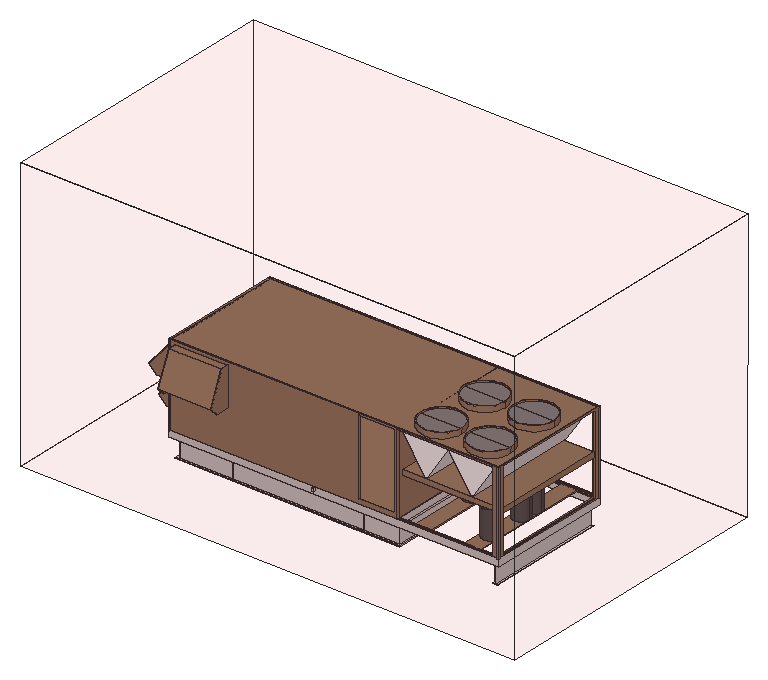
Revit family (continued)
Definition of nested family "Commercial_Comfort_Systems-Series_40-JCI-Unit_Cabinet-Bottom_Return_Front_and_Rear_Supply-Cooling_Only"
  Forms (in)
    Extrusion 7, solid, material "Metal - JCI - Steel - Galvanized" <- "Base Finish", detail levels medium+fine
      from 0 to 4.625
    Extrusion 8, solid, material "Paint - JCI - Powder Coated - Brown" <- "Frame Finish", detail levels medium+fine
      sketch origin (0, 0, 0) x (1, 0, 0) y (0, 0, 1)
        loop
          line (46.18781, 35.625) -> (46.18781, 32) -> (119.00031, 32) -> (119.00031, 35.625) -> (46.18781, 35.625)
      from -42 to 42
    Extrusion 9, solid, material "Paint - JCI - Powder Coated - Brown" <- "Frame Finish", detail levels medium+fine
      sketch origin (0, 0, 0) x (1, 0, 0) y (0, 0, 1)
        loop
          line (45.18781, 63.5) -> (45.18781, 5.125) -> (46.18781, 5.125) -> (46.18781, 63.5) -> (45.18781, 63.5)
      from -45 to 45
    Extrusion 10, solid, material "Paint - JCI - Powder Coated - Brown" <- "Frame Finish", detail levels medium+fine
      sketch origin (0, 0, 0) x (1, 0, 0) y (0, 1, 0)
        loop
          line (93.67219, 44) -> (93.67219, -44) -> (105.67219, -44) -> (105.67219, 44) -> (93.67219, 44)
        loop
          line (58.01594, 44) -> (58.01594, -44) -> (70.01594, -44) -> (70.01594, 44) -> (58.01594, 44)
      from 4.625 to 5.125
    Extrusion 11, void
      sketch origin (0, 0, 0) x (1, 0, 0) y (0, 1, 0)
        loop
          line (18.18781, 45.25) -> (18.18781, 45) -> (44.18781, 45) -> (44.18781, 45.25) -> (18.18781, 45.25)
        loop
          line (18.18781, -45) -> (18.18781, -47) -> (44.18781, -47) -> (44.18781, -45) -> (18.18781, -45)
      from 8.14844 to 63.14844
    Extrusion 12, solid, material "Metal - JCI - Steel - Galvanized - Screen" <- "Screen Material", detail levels fine
      sketch origin (0, 0, 0) x (1, 0, 0) y (0, 1, 0)
        loop
          line (46.18781, 46) -> (46.18781, 45) -> (115.50031, 45) -> (115.50031, 46) -> (46.18781, 46)
        loop
          line (119.00031, 42) -> (119.00031, -42) -> (120.00031, -42) -> (120.00031, 42) -> (119.00031, 42)
        loop
          line (46.18781, -46) -> (115.50031, -46) -> (115.50031, -45) -> (46.18781, -45) -> (46.18781, -46)
      from 5.125 to 63.5
  Cuts and joins
    Extrusion 11 cuts Extrusion 1
    Extrusion 11 cuts Extrusion 3
    Extrusion 11 cuts Extrusion 7
  Lines and regions (in)
    Masking region 1
      outline origin (0, 0, 64) x (-1, 0, 0) y (0, -1, 0)
        loop
          line (119.99969, -46) -> (119.99969, 46) -> (-120.00031, 46) -> (-120.00031, -46) -> (119.99969, -46)
    Masking region 2, detail levels medium+fine
      outline origin (0, -45, 0) x (-1, 0, 0) y (0, 0, 1)
        loop
          line (119.99969, 64) -> (-120.00031, 64) -> (-120.00031, 0) -> (119.99969, 0) -> (119.99969, 64)
        loop
          line (-46.18781, 5.125) -> (-46.18781, 63.5) -> (-115.50031, 63.5) -> (-115.50031, 5.125) -> (-46.18781, 5.125)
    Masking region 3, detail levels coarse
      outline origin (0, 0, 0) x (1, 0, 0) y (0, 0, 1)
        loop
          line (-119.99969, 64) -> (-119.99969, 0) -> (120.00031, 0) -> (120.00031, 64) -> (-119.99969, 64)
    Masking region 4, detail levels medium+fine
      outline origin (120.00031, 0, 0) x (0, -1, 0) y (0, 0, 1)
        loop
          line (-46, 64) -> (-46, 0) -> (46, 0) -> (46, 64) -> (-46, 64)
        loop
          line (42, 63.5) -> (-42, 63.5) -> (-42, 5.125) -> (42, 5.125) -> (42, 63.5)
    Masking region 5, detail levels medium+fine
      outline origin (-119.99969, 0, 0) x (0, -1, 0) y (0, 0, 1)
        loop
          line (-46, 64) -> (-46, 0) -> (46, 0) -> (46, 64) -> (-46, 64)
        loop
          line (-39.5, 61.99219) -> (-39.5, 33.89844) -> (39.5, 33.89844) -> (39.5, 61.99219) -> (-39.5, 61.99219)
        loop
          line (-29.75977, 29.36) -> (-29.75977, 7.94) -> (29.75977, 7.94) -> (29.75977, 29.36) -> (-29.75977, 29.36)
    Masking region 6
      outline origin (0.00031, 0, 0) x (0, 1, 0) y (0, 0, 1)
        loop
          line (-46, 64) -> (-46, 0) -> (46, 0) -> (46, 64) -> (-46, 64)
    Masking region 7, detail levels medium+fine
      outline origin (0, 45, 0) x (-1, 0, 0) y (0, 0, 1)
        loop
          line (-120.00031, 64) -> (-120.00031, 0) -> (119.99969, 0) -> (119.99969, 64) -> (-120.00031, 64)
        loop
          line (-115.50031, 63.5) -> (-115.50031, 5.125) -> (-46.18781, 5.125) -> (-46.18781, 63.5) -> (-115.50031, 63.5)
    model lines, style "Frame Unit", detail levels coarse
      curve 1: line (-119.99969, 46, 64) -> (120.00031, 46, 64)
      curve 2: line (-119.99969, 46, 64) -> (-119.99969, -46, 64)
      curve 3: line (-119.99969, -46, 64) -> (120.00031, -46, 64)
      curve 4: line (120.00031, 46, 64) -> (120.00031, -46, 64)
      curve 5: line (-119.99969, 46, 64) -> (-119.99969, 46, 0)
      curve 6: line (120.00031, 46, 64) -> (120.00031, 46, 0)
      curve 7: line (-119.99969, -46, 64) -> (-119.99969, -46, 0)
      curve 8: line (120.00031, -46, 64) -> (120.00031, -46, 0)
      curve 9: line (46.18781, -46, 63.5) -> (115.50031, -46, 63.5)
      curve 10: line (46.18781, -46, 63.5) -> (46.18781, -46, 5.125)
      curve 11: line (46.18781, -46, 5.125) -> (115.50031, -46, 5.125)
      curve 12: line (115.50031, -46, 63.5) -> (115.50031, -46, 5.125)
      curve 13: line (46.18781, 46, 63.5) -> (115.50031, 46, 63.5)
      curve 14: line (115.50031, 46, 63.5) -> (115.50031, 46, 5.125)
      curve 15: line (115.50031, 46, 5.125) -> (46.18781, 46, 5.125)
      curve 16: line (46.18781, 46, 5.125) -> (46.18781, 46, 63.5)
      curve 17: line (120.00031, -42, 63.5) -> (120.00031, 42, 63.5)
      curve 18: line (120.00031, -42, 63.5) -> (120.00031, -42, 5.125)
      curve 19: line (120.00031, -42, 5.125) -> (120.00031, 42, 5.125)
      curve 20: line (120.00031, 42, 63.5) -> (120.00031, 42, 5.125)
      curve 21: line (46.18781, 44, 0) -> (117.50031, 44, 0)
      curve 22: line (117.50031, 44, 0) -> (117.50031, -44, 0)
      curve 23: line (117.50031, -44, 0) -> (46.18781, -44, 0)
      curve 24: line (46.18781, -44, 0) -> (46.18781, 44, 0)
      curve 25: line (-119.99969, 46, 0) -> (120.00031, 46, 0)
      curve 26: line (-119.99969, -46, 0) -> (-119.99969, 46, 0)
      curve 27: line (120.00031, -46, 0) -> (-119.99969, -46, 0)
      curve 28: line (120.00031, 44, 0) -> (120.00031, -46, 0)
    symbolic lines, style "Frame Unit", detail levels medium+fine
      curve 29: line (0.00031, -46, 4.625) -> (0.00031, 46, 4.625)
      curve 30: line (-119.99969, 46, 4.625) -> (120.00031, 46, 4.625)
    symbolic lines, style "Air Coil", visible <- "Supply Air Front"
      curve 31: line (18.18781, -46, 63.14844) -> (44.18781, -46, 63.14844)
      curve 32: line (18.18781, -46, 8.14844) -> (18.18781, -46, 63.14844)
      curve 33: line (44.18781, -46, 8.14844) -> (18.18781, -46, 8.14844)
      curve 34: line (44.18781, -46, 63.14844) -> (44.18781, -46, 8.14844)
    symbolic lines, style "Air Coil", visible <- "Supply Air Back"
      curve 35: line (44.18781, 46, 63.14844) -> (18.18781, 46, 63.14844)
      curve 36: line (44.18781, 46, 8.14844) -> (44.18781, 46, 63.14844)
      curve 37: line (18.18781, 46, 8.14844) -> (44.18781, 46, 8.14844)
      curve 38: line (18.18781, 46, 63.14844) -> (18.18781, 46, 8.14844)
    symbolic lines, style "Frame Unit", detail levels fine
      curve 39: line (46.18781, 0, 35.625) -> (115.50031, 0, 35.625)
      curve 40: line (115.50031, 0, 32) -> (46.18781, 0, 32)
      curve 41: line (120.00031, -42, 35.625) -> (120.00031, 42, 35.625)
      curve 42: line (119.00031, 42, 32) -> (119.00031, -42, 32)
  Dimensions and locks (in)
    "Length": plane 4 "Left of Unit" to plane 5 "Right of Unit"
    equal spacing: plane 7 "Back of Unit", plane 1 "Center (Front/Back)", plane 6 "Front of Unit"
    "Width": plane 7 "Back of Unit" to plane 6 "Front of Unit"
    "Height": plane 8 "Top of Unit" to plane 22 "Base Bottom"
    locked: plane 4 "Left of Unit" to plane 9 "Left Inset" at 1
    locked: plane 10 "Filters and Driers Right" to plane 5 "Right of Unit" at 4.5
    locked: plane 13 "Front Inset" to plane 6 "Front of Unit" at 1
    equal spacing: plane 14 "Exhaust Air Front", plane 1 "Center (Front/Back)", plane 15 "Exhaust Air Back"
    locked: plane 14 "Exhaust Air Front" to plane 15 "Exhaust Air Back" at 79
    locked: plane 16 "Back Unit Inset" to plane 7 "Back of Unit" at 1
    locked: plane 17 "Right Of Unit Inset" to plane 5 "Right of Unit" at 1
    equal spacing: plane 8 "Top of Unit", plane 21 "Center (Elevation)", plane 22 "Base Bottom"
    locked: plane 2 "Bottom of Unit" to plane 22 "Base Bottom" at 4.625
    locked: plane 23 "Open Right" to plane 5 "Right of Unit" at 2.5
    locked: plane 26 "Return Air Back" to plane 7 "Back of Unit" at 4.5
    locked: plane 27 "Supply Air Front" to plane 26 "Return Air Back" at 55
    locked: plane 28 "Open Back" to plane 7 "Back of Unit" at 2
    locked: plane 29 "Open Front" to plane 6 "Front of Unit" at 2
    equal spacing: plane 4 "Left of Unit", plane 3 "Center (Left/Right)", plane 5 "Right of Unit"
    locked: plane 25 "Supply Air Left" to plane 24 "Supply Air Right" at 26
    locked: plane 7 "Back of Unit" to plane 32 "Fan Back" at 30.66667
    locked: plane 8 "Top of Unit" to plane 34 "Exhaust Air Bottom" at 30.10156
    locked: plane 36 "Compressor Acces Front" to plane 6 "Front of Unit" at 4
    locked: plane 37 "Compressor Access Back" to plane 7 "Back of Unit" at 4
    locked: plane 24 "Supply Air Right" to plane 5 "Right of Unit" at 75.8125
    locked: plane 38 "Condenser Base" to plane 21 "Center (Elevation)" at 3.625
    locked: plane 12 "Filters and Driers Left" to Extrusion 9 sketch curve at 1
    equal spacing: Extrusion 10 sketch curve, plane 30 "Right Condenser", Extrusion 10 sketch curve
    locked: Extrusion 10 sketch curve to Extrusion 10 sketch curve at 12  (x2)
    locked: plane 4 "Left of Unit" to plane 39 "Retur Air Left" at 4.5
    locked: plane 39 "Retur Air Left" to plane 40 "Return Air Right" at 38.58984
    locked: plane 41 "Return Air Connection Offset Front" to plane 6 "Front of Unit" at 4.5
    equal spacing: plane 39 "Retur Air Left", plane 33 "Center of Economizer L/R", plane 40 "Return Air Right"
    locked: plane 20 "Rain Hood Right" to plane 40 "Return Air Right" at 2
    locked: plane 39 "Retur Air Left" to plane 19 "Rain Hood Left" at 2
    locked: plane 42 "Supply Air Bottom" to plane 22 "Base Bottom" at 8.14844
    locked: plane 43 "Supply Air Connection Offset Top" to plane 42 "Supply Air Bottom" at 55
    "Rear Opening Depth": plane 16 "Back Unit Inset" to plane 44 "Supply Air Opening Back"
    "Front Opening Depth": plane 13 "Front Inset" to plane 45 "Supply Air Opening Front"
    locked: plane 8 "Top of Unit" to plane 11 "Top Inset" at 0.5
    locked: plane 18 "Bottom Inset" to plane 2 "Bottom of Unit" at 0.5
    locked: plane 8 "Top of Unit" to plane 46 "Top Of Economizer" at 2.00781
    locked: plane 24 "Supply Air Right" to plane 12 "Filters and Driers Left" at 2
    equal spacing: plane 12 "Filters and Driers Left", plane 35 "Left Condenser", plane 47 "Center of Condensers L/R", plane 30 "Right Condenser", plane 23 "Open Right"
    equal spacing: Extrusion 10 sketch curve, plane 35 "Left Condenser", Extrusion 10 sketch curve
    locked: plane 32 "Fan Back" to plane 31 "Fan Front" at 39.31
    locked: plane 49 "Power Exhaust Bottom" to plane 22 "Base Bottom" at 7.94
    locked: plane 50 "Power Exhaust Top" to plane 22 "Base Bottom" at 29.36
    equal spacing: plane 51 "Power Exhaust Front", plane 1 "Center (Front/Back)", plane 52 "Power Exhaust Back"
    locked: plane 51 "Power Exhaust Front" to plane 52 "Power Exhaust Back" at 59.51953
    aligned and locked: plane 12 "Filters and Driers Left" to Extrusion 1 sketch curve
    aligned and locked: Extrusion 1 sketch curve to plane 10 "Filters and Driers Right"
    aligned and locked: Extrusion 1 sketch curve to plane 11 "Top Inset"
    aligned and locked: Extrusion 1 sketch curve to plane 8 "Top of Unit"
    aligned and locked: Extrusion 1 sketch curve to plane 5 "Right of Unit"
    aligned and locked: plane 2 "Bottom of Unit" to Extrusion 1 sketch curve
    aligned and locked: Extrusion 1 sketch curve to plane 4 "Left of Unit"
    aligned and locked: Extrusion 1 to plane 6 "Front of Unit"
    aligned and locked: plane 13 "Front Inset" to Extrusion 1
    aligned and locked: Extrusion 2 sketch curve to plane 8 "Top of Unit"
    aligned and locked: Extrusion 2 sketch curve to plane 11 "Top Inset"
    aligned and locked: plane 6 "Front of Unit" to Extrusion 2 sketch curve
    aligned and locked: plane 2 "Bottom of Unit" to Extrusion 2 sketch curve
    aligned and locked: plane 7 "Back of Unit" to Extrusion 2 sketch curve
    aligned and locked: plane 5 "Right of Unit" to Extrusion 2
    aligned and locked: Extrusion 2 to plane 17 "Right Of Unit Inset"
    aligned and locked: Extrusion 3 sketch curve to plane 5 "Right of Unit"
    aligned and locked: Extrusion 3 sketch curve to plane 10 "Filters and Driers Right"
    aligned and locked: Extrusion 3 sketch curve to plane 8 "Top of Unit"
    aligned and locked: Extrusion 3 sketch curve to plane 11 "Top Inset"
    aligned and locked: plane 12 "Filters and Driers Left" to Extrusion 3 sketch curve
    aligned and locked: plane 2 "Bottom of Unit" to Extrusion 3 sketch curve
    aligned and locked: Extrusion 3 sketch curve to plane 4 "Left of Unit"
    aligned and locked: Extrusion 3 to plane 7 "Back of Unit"
    aligned and locked: plane 16 "Back Unit Inset" to Extrusion 3
    aligned and locked: Extrusion 4 sketch curve to plane 8 "Top of Unit"
    aligned and locked: plane 14 "Exhaust Air Front" to Extrusion 4 sketch curve
    aligned and locked: plane 15 "Exhaust Air Back" to Extrusion 4 sketch curve
    aligned and locked: plane 7 "Back of Unit" to Extrusion 4 sketch curve
    aligned and locked: plane 6 "Front of Unit" to Extrusion 4 sketch curve
    aligned and locked: plane 2 "Bottom of Unit" to Extrusion 4 sketch curve
    aligned and locked: plane 4 "Left of Unit" to Extrusion 4
    aligned and locked: Extrusion 4 to plane 9 "Left Inset"
    aligned and locked: Extrusion 5 sketch curve to plane 17 "Right Of Unit Inset"
    aligned and locked: plane 13 "Front Inset" to Extrusion 5 sketch curve
    aligned and locked: Extrusion 5 sketch curve to plane 9 "Left Inset"
    aligned and locked: plane 16 "Back Unit Inset" to Extrusion 5 sketch curve
    aligned and locked: plane 18 "Bottom Inset" to Extrusion 5
    aligned and locked: Extrusion 5 to plane 2 "Bottom of Unit"
    aligned and locked: plane 16 "Back Unit Inset" to Extrusion 6 sketch curve
    aligned and locked: Extrusion 6 sketch curve to plane 17 "Right Of Unit Inset"
    aligned and locked: Extrusion 6 sketch curve to plane 9 "Left Inset"
    aligned and locked: plane 13 "Front Inset" to Extrusion 6 sketch curve
    aligned and locked: plane 8 "Top of Unit" to Extrusion 6
    aligned and locked: plane 22 "Base Bottom" to level
    aligned and locked: Extrusion 7 sketch curve to plane 23 "Open Right"
    aligned and locked: plane 12 "Filters and Driers Left" to Extrusion 7 sketch curve
    aligned and locked: plane 7 "Back of Unit" to Extrusion 7 sketch curve
    aligned and locked: Extrusion 7 sketch curve to plane 5 "Right of Unit"
    aligned and locked: plane 6 "Front of Unit" to Extrusion 7 sketch curve
    aligned and locked: Extrusion 7 sketch curve to plane 4 "Left of Unit"
    aligned and locked: Extrusion 7 to plane 22 "Base Bottom"
    aligned and locked: plane 2 "Bottom of Unit" to Extrusion 7
    aligned and locked: plane 28 "Open Back" to Extrusion 7 sketch curve
    aligned and locked: plane 29 "Open Front" to Extrusion 7 sketch curve
    aligned and locked: plane 12 "Filters and Driers Left" to Extrusion 5 sketch curve
    aligned and locked: plane 28 "Open Back" to Extrusion 5 sketch curve
    aligned and locked: Extrusion 5 sketch curve to plane 23 "Open Right"
    aligned and locked: plane 29 "Open Front" to Extrusion 5 sketch curve
    aligned and locked: plane 7 "Back of Unit" to Masking region 1 sketch curve
    aligned and locked: Masking region 1 sketch curve to plane 4 "Left of Unit"
    aligned and locked: Masking region 1 sketch curve to plane 5 "Right of Unit"
    aligned and locked: plane 6 "Front of Unit" to Masking region 1 sketch curve
    aligned and locked: plane 4 "Left of Unit" to curve 2
    aligned and locked: plane 4 "Left of Unit" to curve 3
    aligned and locked: plane 5 "Right of Unit" to curve 3
    aligned and locked: curve 3 to plane 6 "Front of Unit"
    aligned and locked: plane 6 "Front of Unit" to curve 4
    aligned and locked: plane 4 "Left of Unit" to curve 1
    aligned and locked: plane 5 "Right of Unit" to curve 1
    aligned and locked: plane 7 "Back of Unit" to curve 4
    aligned and locked: plane 6 "Front of Unit" to curve 2
    aligned and locked: plane 8 "Top of Unit" to curve 5
    aligned and locked: plane 22 "Base Bottom" to curve 5
    aligned and locked: plane 22 "Base Bottom" to curve 7
    aligned and locked: plane 8 "Top of Unit" to curve 7
    aligned and locked: plane 4 "Left of Unit" to curve 5
    aligned and locked: plane 4 "Left of Unit" to curve 7
    aligned and locked: plane 22 "Base Bottom" to curve 6
    aligned and locked: plane 22 "Base Bottom" to curve 8
    aligned and locked: plane 8 "Top of Unit" to curve 6
    aligned and locked: plane 8 "Top of Unit" to curve 8
    aligned and locked: curve 6 to plane 5 "Right of Unit"
    aligned and locked: curve 8 to plane 5 "Right of Unit"
    aligned and locked: curve 10 to plane 12 "Filters and Driers Left"
    aligned and locked: plane 11 "Top Inset" to curve 12
    aligned and locked: plane 10 "Filters and Driers Right" to curve 9
    aligned and locked: plane 10 "Filters and Driers Right" to curve 11
    aligned and locked: plane 11 "Top Inset" to curve 10
    aligned and locked: plane 12 "Filters and Driers Left" to curve 11
    aligned and locked: plane 12 "Filters and Driers Left" to curve 9
    aligned and locked: curve 11 to curve 12
    aligned and locked: plane 12 "Filters and Driers Left" to curve 13
    aligned and locked: plane 11 "Top Inset" to curve 14
    aligned and locked: plane 10 "Filters and Driers Right" to curve 15
    aligned and locked: plane 12 "Filters and Driers Left" to curve 15
    aligned and locked: plane 11 "Top Inset" to curve 16
    aligned and locked: plane 11 "Top Inset" to curve 20
    aligned and locked: plane 29 "Open Front" to curve 22
    aligned and locked: plane 23 "Open Right" to curve 21
    aligned and locked: plane 28 "Open Back" to curve 24
    aligned and locked: plane 5 "Right of Unit" to curve 27
    aligned and locked: curve 28 to plane 5 "Right of Unit"
    aligned and locked: plane 6 "Front of Unit" to curve 27
    aligned and locked: plane 6 "Front of Unit" to curve 26
    aligned and locked: plane 7 "Back of Unit" to curve 26
    aligned and locked: curve 26 to plane 4 "Left of Unit"
    aligned and locked: plane 4 "Left of Unit" to curve 25
    aligned and locked: plane 8 "Top of Unit" to Masking region 2 sketch curve
    aligned and locked: plane 5 "Right of Unit" to Masking region 2 sketch curve
    aligned and locked: plane 4 "Left of Unit" to Masking region 2 sketch curve
    aligned and locked: plane 7 "Back of Unit" to curve 29
    aligned and locked: plane 6 "Front of Unit" to curve 29
    aligned and locked: curve 29 to plane 2 "Bottom of Unit"
    aligned and locked: Masking region 2 sketch curve to plane 22 "Base Bottom"
    aligned and locked: plane 5 "Right of Unit" to curve 30
    aligned and locked: plane 4 "Left of Unit" to curve 30
    aligned and locked: curve 30 to plane 2 "Bottom of Unit"
    aligned and locked: plane 18 "Bottom Inset" to Extrusion 3
    aligned and locked: plane 18 "Bottom Inset" to Extrusion 2
    aligned and locked: curve 19 to plane 18 "Bottom Inset"
    aligned and locked: plane 37 "Compressor Access Back" to Extrusion 2 sketch curve
    aligned and locked: plane 36 "Compressor Acces Front" to Extrusion 2 sketch curve
    aligned and locked: plane 37 "Compressor Access Back" to curve 20
    aligned and locked: plane 34 "Exhaust Air Bottom" to Extrusion 1 sketch curve
    aligned and locked: plane 34 "Exhaust Air Bottom" to Extrusion 3 sketch curve
    aligned and locked: plane 34 "Exhaust Air Bottom" to Extrusion 4 sketch curve
    aligned and locked: plane 12 "Filters and Driers Left" to Extrusion 8 sketch curve
    aligned and locked: plane 21 "Center (Elevation)" to Extrusion 8 sketch curve
    aligned and locked: Extrusion 8 sketch curve to plane 38 "Condenser Base"
    aligned and locked: Extrusion 9 sketch curve to plane 12 "Filters and Driers Left"
    aligned and locked: Extrusion 9 sketch curve to plane 11 "Top Inset"
    aligned and locked: plane 18 "Bottom Inset" to Extrusion 9 sketch curve
    aligned and locked: Extrusion 9 to plane 16 "Back Unit Inset"
    aligned and locked: Extrusion 9 to plane 13 "Front Inset"
    aligned and locked: plane 29 "Open Front" to Extrusion 10 sketch curve  (x2)
    aligned and locked: plane 28 "Open Back" to Extrusion 10 sketch curve  (x2)
    aligned and locked: Extrusion 10 to plane 2 "Bottom of Unit"
    aligned and locked: plane 18 "Bottom Inset" to Extrusion 10
    aligned and locked: Extrusion 5 sketch curve to plane 39 "Retur Air Left"
    aligned and locked: plane 26 "Return Air Back" to Extrusion 5 sketch curve
    aligned and locked: plane 40 "Return Air Right" to Extrusion 5 sketch curve
    aligned and locked: plane 26 "Return Air Back" to Extrusion 7 sketch curve
    aligned and locked: plane 41 "Return Air Connection Offset Front" to Extrusion 7 sketch curve
    aligned and locked: Extrusion 7 sketch curve to plane 39 "Retur Air Left"
    aligned and locked: plane 40 "Return Air Right" to Extrusion 7 sketch curve
    aligned and locked: Extrusion 11 sketch curve to plane 24 "Supply Air Right"  (x2)
    aligned and locked: Extrusion 11 sketch curve to plane 25 "Supply Air Left"  (x2)
    aligned and locked: Extrusion 11 sketch curve to plane 13 "Front Inset"
    aligned and locked: plane 45 "Supply Air Opening Front" to Extrusion 11 sketch curve
    aligned and locked: Extrusion 11 sketch curve to plane 16 "Back Unit Inset"
    aligned and locked: plane 44 "Supply Air Opening Back" to Extrusion 11 sketch curve
    aligned and locked: plane 18 "Bottom Inset" to curve 10
    aligned and locked: plane 18 "Bottom Inset" to curve 16
    aligned and locked: plane 18 "Bottom Inset" to curve 18
    aligned and locked: plane 18 "Bottom Inset" to curve 20
    aligned and locked: curve 11 to curve 15
    aligned and locked: curve 9 to curve 13
    aligned and locked: plane 10 "Filters and Driers Right" to curve 13
    aligned and locked: plane 37 "Compressor Access Back" to curve 17
    aligned and locked: curve 17 to curve 20
    aligned and locked: plane 5 "Right of Unit" to curve 25
    aligned and locked: plane 4 "Left of Unit" to curve 27
    aligned and locked: plane 7 "Back of Unit" to curve 2
    aligned and locked: plane 6 "Front of Unit" to curve 28
    aligned and locked: plane 22 "Base Bottom" to Masking region 3 sketch curve
    aligned and locked: Masking region 3 sketch curve to plane 5 "Right of Unit"
    aligned and locked: Masking region 3 sketch curve to plane 8 "Top of Unit"
    aligned and locked: Masking region 3 sketch curve to plane 4 "Left of Unit"
    aligned and locked: Masking region 4 sketch curve to plane 8 "Top of Unit"
    aligned and locked: plane 6 "Front of Unit" to Masking region 4 sketch curve
    aligned and locked: plane 7 "Back of Unit" to Masking region 4 sketch curve
    aligned and locked: plane 22 "Base Bottom" to Masking region 4 sketch curve
    aligned and locked: plane 36 "Compressor Acces Front" to Masking region 4 sketch curve
    aligned and locked: plane 18 "Bottom Inset" to Masking region 4 sketch curve
    aligned and locked: plane 37 "Compressor Access Back" to Masking region 4 sketch curve
    aligned and locked: plane 34 "Exhaust Air Bottom" to Masking region 5 sketch curve
    aligned and locked: plane 6 "Front of Unit" to Masking region 5 sketch curve
    aligned and locked: plane 22 "Base Bottom" to Masking region 5 sketch curve
    aligned and locked: Masking region 5 sketch curve to plane 8 "Top of Unit"
    aligned and locked: plane 7 "Back of Unit" to Masking region 5 sketch curve
    aligned and locked: Masking region 6 to plane 8 "Top of Unit"
    aligned and locked: plane 7 "Back of Unit" to Masking region 6
    aligned and locked: plane 22 "Base Bottom" to Masking region 6
    aligned and locked: plane 6 "Front of Unit" to Masking region 6
    aligned and locked: plane 18 "Bottom Inset" to cut or joined group of Extrusion 1, Extrusion 11
    aligned and locked: Extrusion 1 sketch curve to plane 46 "Top Of Economizer"
    aligned and locked: plane 40 "Return Air Right" to Extrusion 3 sketch curve
    aligned and locked: Extrusion 3 sketch curve to plane 46 "Top Of Economizer"
    aligned and locked: Extrusion 3 sketch curve to plane 39 "Retur Air Left"
    aligned and locked: plane 40 "Return Air Right" to Extrusion 1 sketch curve
    aligned and locked: Extrusion 1 sketch curve to plane 39 "Retur Air Left"
    aligned and locked: Masking region 5 sketch curve to plane 46 "Top Of Economizer"
    aligned and locked: plane 14 "Exhaust Air Front" to Masking region 5 sketch curve
    aligned and locked: plane 15 "Exhaust Air Back" to Masking region 5 sketch curve
    aligned and locked: plane 46 "Top Of Economizer" to Extrusion 4 sketch curve
    aligned and locked: Extrusion 6 to plane 11 "Top Inset"
    aligned and locked: curve 35 to plane 43 "Supply Air Connection Offset Top"
    aligned and locked: plane 43 "Supply Air Connection Offset Top" to curve 32
    aligned and locked: plane 43 "Supply Air Connection Offset Top" to curve 34
    aligned and locked: plane 24 "Supply Air Right" to curve 31
    aligned and locked: plane 24 "Supply Air Right" to curve 33
    aligned and locked: plane 42 "Supply Air Bottom" to curve 34
    aligned and locked: plane 25 "Supply Air Left" to curve 33
    aligned and locked: plane 42 "Supply Air Bottom" to curve 32
    aligned and locked: plane 25 "Supply Air Left" to curve 31
    aligned and locked: plane 24 "Supply Air Right" to curve 35
    aligned and locked: plane 43 "Supply Air Connection Offset Top" to curve 38
    aligned and locked: plane 25 "Supply Air Left" to curve 37
    aligned and locked: plane 42 "Supply Air Bottom" to curve 38
    aligned and locked: plane 25 "Supply Air Left" to curve 35
    aligned and locked: plane 24 "Supply Air Right" to curve 37
    aligned and locked: Masking region 2 sketch curve to plane 10 "Filters and Driers Right"
    aligned and locked: plane 11 "Top Inset" to Masking region 2 sketch curve
    aligned and locked: plane 12 "Filters and Driers Left" to Masking region 2 sketch curve
    aligned and locked: plane 18 "Bottom Inset" to Masking region 2 sketch curve
    aligned and locked: Masking region 4 sketch curve to plane 11 "Top Inset"
    aligned and locked: Extrusion 8 to plane 36 "Compressor Acces Front"
    aligned and locked: Extrusion 8 to plane 37 "Compressor Access Back"
    aligned and locked: Masking region 7 sketch curve to plane 10 "Filters and Driers Right"
    aligned and locked: plane 12 "Filters and Driers Left" to Masking region 7 sketch curve
    aligned and locked: Masking region 7 sketch curve to plane 11 "Top Inset"
    aligned and locked: plane 18 "Bottom Inset" to Masking region 7 sketch curve
    aligned and locked: plane 22 "Base Bottom" to Masking region 7 sketch curve
    aligned and locked: Masking region 7 sketch curve to plane 5 "Right of Unit"
    aligned and locked: Masking region 7 sketch curve to plane 8 "Top of Unit"
    aligned and locked: Masking region 7 sketch curve to plane 4 "Left of Unit"
    aligned and locked: plane 28 "Open Back" to curve 22
    aligned and locked: plane 23 "Open Right" to curve 23
    aligned and locked: plane 29 "Open Front" to curve 24
    aligned and locked: plane 12 "Filters and Driers Left" to curve 23
    aligned and locked: plane 12 "Filters and Driers Left" to curve 21
    aligned and locked: Extrusion 8 sketch curve to plane 17 "Right Of Unit Inset"
    aligned and locked: plane 12 "Filters and Driers Left" to Extrusion 12 sketch curve
    aligned and locked: Extrusion 12 sketch curve to plane 10 "Filters and Driers Right"
    aligned and locked: Extrusion 12 sketch curve to plane 16 "Back Unit Inset"
    aligned and locked: plane 7 "Back of Unit" to Extrusion 12 sketch curve
    aligned and locked: plane 37 "Compressor Access Back" to Extrusion 12 sketch curve
    aligned and locked: plane 36 "Compressor Acces Front" to Extrusion 12 sketch curve
    aligned and locked: plane 17 "Right Of Unit Inset" to Extrusion 12 sketch curve
    aligned and locked: Extrusion 12 sketch curve to plane 5 "Right of Unit"
    aligned and locked: plane 10 "Filters and Driers Right" to Extrusion 12 sketch curve
    aligned and locked: Extrusion 12 sketch curve to plane 12 "Filters and Driers Left"
    aligned and locked: Extrusion 12 sketch curve to plane 6 "Front of Unit"
    aligned and locked: plane 13 "Front Inset" to Extrusion 12 sketch curve
    aligned and locked: Extrusion 12 to plane 18 "Bottom Inset"
    aligned and locked: plane 11 "Top Inset" to Extrusion 12
    aligned and locked: Masking region 5 sketch curve to plane 50 "Power Exhaust Top"
    aligned and locked: plane 49 "Power Exhaust Bottom" to Masking region 5 sketch curve
    aligned and locked: Masking region 5 sketch curve to plane 51 "Power Exhaust Front"
    aligned and locked: Masking region 5 sketch curve to plane 52 "Power Exhaust Back"
    aligned and locked: Extrusion 4 sketch curve to plane 51 "Power Exhaust Front"
    aligned and locked: Extrusion 4 sketch curve to plane 50 "Power Exhaust Top"
    aligned and locked: plane 49 "Power Exhaust Bottom" to Extrusion 4 sketch curve
    aligned and locked: Extrusion 4 sketch curve to plane 52 "Power Exhaust Back"
    aligned and locked: plane 41 "Return Air Connection Offset Front" to Extrusion 5 sketch curve
    aligned and locked: plane 12 "Filters and Driers Left" to curve 39
    aligned and locked: plane 12 "Filters and Driers Left" to curve 40
    aligned and locked: plane 10 "Filters and Driers Right" to curve 39
    aligned and locked: plane 10 "Filters and Driers Right" to curve 40
    aligned and locked: plane 21 "Center (Elevation)" to curve 40
    aligned and locked: curve 39 to plane 38 "Condenser Base"
    aligned and locked: plane 36 "Compressor Acces Front" to curve 41
    aligned and locked: plane 37 "Compressor Access Back" to curve 41
    aligned and locked: curve 41 to plane 38 "Condenser Base"
    aligned and locked: plane 21 "Center (Elevation)" to curve 42
    aligned and locked: plane 37 "Compressor Access Back" to curve 42
    aligned and locked: plane 36 "Compressor Acces Front" to curve 42
  Automatic sketch dimensions
    Extrusion 2 sketch curve to plane 18 "Bottom Inset" = 0"
    plane 18 "Bottom Inset" to Extrusion 3 sketch curve = 0"
    plane 18 "Bottom Inset" to Extrusion 1 sketch curve = 0"
    curve 2 to plane 7 "Back of Unit" = 0"
    curve 25 to plane 5 "Right of Unit" = 0"
    curve 28 to plane 28 "Open Back" = 0"
    Masking region 6 sketch curve to level = 0"
    Masking region 6 sketch curve to plane 6 "Front of Unit" = 0"
    Masking region 6 sketch curve to plane 7 "Back of Unit" = 0"
    Masking region 6 sketch curve to plane 8 "Top of Unit" = 0"
Definition of nested family "Include Clearance"
  Parameters (values of type "Include Clearance")
    Width = 36"
    Height = 36"
    Depth = 36"
    Clearance Top = 6"
    Clearance Right = 6"
    Clearance Material = Clearance
    Clearance Left = 6"
    Clearance Front = 6"
    Clearance Bottom = 6"
    Clearance Back = 6"
    Assembly Code = ""
  Reference planes (in)
    plane 1 "Center (Front/Back)": y = 0
    plane 2 "Bottom": z = 0
    plane 3 "Center (Left/Right)": x = 0
    plane 4 "Clearance Front": y = -24
    plane 5 "Top": z = 36
    plane 6 "Back": y = 18
    plane 7 "Left": x = -18
    plane 8 "Front": y = -18
    plane 9 "Right": x = 18
    plane 10 "Clearance Back": y = 24
    plane 11 "Clearance Left": x = -24
    plane 12 "Clearance Right": x = 24
    plane 13 "Clearance Top": z = 42
    plane 14 "Clearance Bottom": z = -6
  Forms (in)
    Extrusion 1, solid, material "Clearance" <- "Clearance Material"
      sketch origin (0, 0, 36) x (-1, 0, 0) y (0, -1, 0)
        loop
          line (24, -24) -> (24, 24) -> (-24, 24) -> (-24, -24) -> (24, -24)
      from -42 to 6
  Lines and regions (in)
    symbolic lines, style "Clearance"
      curve 1: line (-24, 24, 36) -> (24, 24, 36)
      curve 2: line (-24, -24, 36) -> (-24, 24, 36)
      curve 3: line (24, -24, 36) -> (-24, -24, 36)
      curve 4: line (24, 24, 36) -> (24, -24, 36)
      curve 5: line (-24, 0, 42) -> (24, 0, 42)
      curve 6: line (-24, 0, -6) -> (-24, 0, 42)
      curve 7: line (24, 0, -6) -> (-24, 0, -6)
      curve 8: line (24, 0, 42) -> (24, 0, -6)
      curve 9: line (0, -24, 42) -> (0, 24, 42)
      curve 10: line (0, -24, -6) -> (0, -24, 42)
      curve 11: line (0, 24, -6) -> (0, -24, -6)
      curve 12: line (0, 24, 42) -> (0, 24, -6)
  Dimensions and locks (in)
    "Height": plane 5 "Top" to plane 2 "Bottom"
    "Depth": plane 6 "Back" to plane 8 "Front"
    "Width": plane 7 "Left" to plane 9 "Right"
    equal spacing: plane 7 "Left", plane 3 "Center (Left/Right)", plane 9 "Right"
    equal spacing: plane 6 "Back", plane 1 "Center (Front/Back)", plane 8 "Front"
    "Clearance Bottom": plane 2 "Bottom" to plane 14 "Clearance Bottom"
    "Clearance Top": plane 13 "Clearance Top" to plane 5 "Top"
    "Clearance Left": plane 11 "Clearance Left" to plane 7 "Left"
    "Clearance Right": plane 9 "Right" to plane 12 "Clearance Right"
    "Clearance Back": plane 10 "Clearance Back" to plane 6 "Back"
    "Clearance Front": plane 4 "Clearance Front" to plane 8 "Front"
    aligned and locked: level to plane 2 "Bottom"
    aligned and locked: Extrusion 1 sketch curve to plane 10 "Clearance Back"
    aligned and locked: Extrusion 1 sketch curve to plane 11 "Clearance Left"
    aligned and locked: Extrusion 1 sketch curve to plane 12 "Clearance Right"
    aligned and locked: Extrusion 1 sketch curve to plane 4 "Clearance Front"
    aligned and locked: plane 14 "Clearance Bottom" to Extrusion 1
    aligned and locked: plane 13 "Clearance Top" to Extrusion 1
    aligned and locked: curve 1 to plane 10 "Clearance Back"
    aligned and locked: curve 2 to plane 11 "Clearance Left"
    aligned and locked: curve 4 to plane 12 "Clearance Right"
    aligned and locked: curve 3 to plane 4 "Clearance Front"
    aligned and locked: curve 5 to plane 13 "Clearance Top"
    aligned and locked: curve 6 to plane 11 "Clearance Left"
    aligned and locked: curve 7 to plane 14 "Clearance Bottom"
    aligned and locked: curve 8 to plane 12 "Clearance Right"
    aligned and locked: curve 9 to plane 13 "Clearance Top"
    aligned and locked: curve 11 to plane 14 "Clearance Bottom"
    aligned and locked: curve 12 to plane 10 "Clearance Back"
    aligned and locked: curve 10 to plane 4 "Clearance Front"
Definition of nested family "Commercial_Comfort_Systems-Series_40-JCI-Condenser_Fan_1"
  Parameters (values of type "Fan")
    Radius 2 = Radius - 1/4"  # 11 3/4"
    Radius = if(1 = 1, Diameter / 2, 1")  # 12"
    Height = 4"  # constant formula
    Frame Material = Paint - JCI - Powder Coated - Brown
    Fan Blade Material = Metal - JCI - Steel - Coated Black
    Diameter = 24"
    Assembly Code = ""
    30 inch fan = Diameter = 30"  # no
  Reference planes (in)
    plane 1 "Center (Front/Back)": y = 0
    plane 2 "Bottom": z = 0
    plane 3 "Center (Left/Right)": x = 0
    plane 4 "Back": y = 12
    plane 5 "Front": y = -12
    plane 6 "Left": x = -12
    plane 7 "Right": x = 12
    plane 8 "Top": z = 4
    plane 9 "Right Inset": x = 11.75
    plane 10 "Top Inset": z = 3.5
  Forms (in)
    Revolve 1, solid, material "Metal - JCI - Steel - Coated Black" <- "Fan Blade Material", detail levels fine
      sketch origin (0, 0, 0) x (1, 0, 0) y (0, 0, 1)
        loop
          line (0, 3.5) -> (0, 0) -> (11.75, 0) -> (11.75, 3.5) -> (0, 3.5)
        axis (0, 3.5) -> (0, 0)
      angle from 0 to 360
    Revolve 2, solid, material "Paint - JCI - Powder Coated - Brown" <- "Frame Material", detail levels fine
      sketch origin (0, 0, 0) x (1, 0, 0) y (0, 0, 1)
        loop
          line (11.75, 0) -> (12, 0) -> (12, 4) -> (11.75, 4) -> (11.75, 0)
        axis (0, 4) -> (0, 0)
      angle from 0 to 360
    Revolve 3, solid, material "Paint - JCI - Powder Coated - Brown" <- "Frame Material", detail levels medium
      sketch origin (0, 0, 0) x (1, 0, 0) y (0, 0, 1)
        loop
          line (0, 4) -> (0, 0) -> (12, 0) -> (12, 4) -> (0, 4)
        axis (0, 4) -> (0, 0)
      angle from 0 to 360
  Lines and regions (in)
    Masking region 1
      outline origin (0, 0, 0) x (1, 0, 0) y (0, 1, 0)
        loop
          circle (0, 0) r 12
    Masking region 2
      outline origin (0, 0, 0) x (1, 0, 0) y (0, 0, 1)
        loop
          line (-12, 4) -> (-12, 0) -> (12, 0) -> (12, 4) -> (-12, 4)
    Masking region 3
      outline origin (0, 0, 0) x (0, 1, 0) y (0, 0, 1)
        loop
          line (-12, 4) -> (-12, 0) -> (12, 0) -> (12, 4) -> (-12, 4)
    model lines, style "Fan Fine", detail levels coarse
      curve 1: circle (0, 0, 0) r 12 normal (0, 0, 1)
      curve 2: circle (0, 0, 4) r 12 normal (0, 0, 1)
      curve 3: line (12, 0, 4) -> (12, 0, 0)
      curve 4: line (-12, 0, 4) -> (-12, 0, 0)
      curve 5: line (0, 12, 4) -> (0, 12, 0)
      curve 6: line (0, -12, 4) -> (0, -12, 0)
    symbolic lines, style "Fan Fine", detail levels fine
      curve 7: circle (0, 0, 0) r 11.75 normal (0, 0, 1)
  Dimensions and locks (in)
    equal spacing: plane 5 "Front", plane 1 "Center (Front/Back)", plane 4 "Back"
    "Diameter": plane 5 "Front" to plane 4 "Back"
    equal spacing: plane 6 "Left", plane 3 "Center (Left/Right)", plane 7 "Right"
    "Diameter": plane 6 "Left" to plane 7 "Right"
    "Height": plane 8 "Top" to plane 2 "Bottom"
    locked: plane 9 "Right Inset" to plane 7 "Right" at 0.25
    locked: plane 8 "Top" to plane 10 "Top Inset" at 0.5
    "Radius": plane 3 "Center (Left/Right)" to curve 1
    "Radius": curve 1 to plane 1 "Center (Front/Back)"
    "Radius": curve 2 to plane 1 "Center (Front/Back)"
    "Radius": plane 3 "Center (Left/Right)" to curve 2
    "Radius": plane 3 "Center (Left/Right)" to Masking region 1 sketch curve
    "Radius": plane 1 "Center (Front/Back)" to Masking region 1 sketch curve
    "Radius 2": plane 3 "Center (Left/Right)" to curve 7
    "Radius 2": plane 1 "Center (Front/Back)" to curve 7
    "Radius": radius of curve 1
    "Radius": radius of curve 2
    "Radius": radius of Masking region 1 sketch curve
    "Radius 2": radius of curve 7
    aligned and locked: Revolve 1 sketch curve to plane 3 "Center (Left/Right)"
    aligned and locked: Revolve 1 sketch curve to Revolve 1 sketch curve
    aligned and locked: plane 2 "Bottom" to Revolve 1 sketch curve
    aligned and locked: Revolve 2 sketch curve to plane 3 "Center (Left/Right)"
    aligned and locked: Revolve 2 sketch curve to plane 8 "Top"
    aligned and locked: plane 2 "Bottom" to Revolve 2 sketch curve
    aligned and locked: plane 7 "Right" to Revolve 2 sketch curve
    aligned and locked: Revolve 2 sketch curve to plane 9 "Right Inset"
    aligned and locked: plane 9 "Right Inset" to Revolve 1 sketch curve
    aligned and locked: Revolve 1 sketch curve to plane 10 "Top Inset"
    aligned and locked: Revolve 3 sketch curve to plane 3 "Center (Left/Right)"
    aligned and locked: Revolve 3 sketch curve to Revolve 3 sketch curve
    aligned and locked: plane 2 "Bottom" to Revolve 3 sketch curve
    aligned and locked: plane 7 "Right" to Revolve 3 sketch curve
    aligned and locked: Revolve 3 sketch curve to plane 8 "Top"
    aligned and locked: plane 2 "Bottom" to curve 3
    aligned and locked: plane 2 "Bottom" to curve 4
    aligned and locked: plane 8 "Top" to curve 3
    aligned and locked: plane 8 "Top" to curve 4
    aligned and locked: plane 7 "Right" to curve 3
    aligned and locked: curve 4 to plane 6 "Left"
    aligned and locked: plane 2 "Bottom" to curve 5
    aligned and locked: plane 8 "Top" to curve 5
    aligned and locked: plane 2 "Bottom" to curve 6
    aligned and locked: plane 8 "Top" to curve 6
    aligned and locked: curve 5 to plane 4 "Back"
    aligned and locked: plane 5 "Front" to curve 6
    aligned and locked: Masking region 2 sketch curve to plane 8 "Top"
    aligned and locked: plane 2 "Bottom" to Masking region 2 sketch curve
    aligned and locked: plane 7 "Right" to Masking region 2 sketch curve
    aligned and locked: plane 6 "Left" to Masking region 2 sketch curve
    aligned and locked: Masking region 3 sketch curve to plane 8 "Top"
    aligned and locked: Masking region 3 sketch curve to plane 4 "Back"
    aligned and locked: plane 2 "Bottom" to Masking region 3 sketch curve
    aligned and locked: Masking region 3 sketch curve to plane 5 "Front"
  Automatic sketch dimensions
    Revolve 1 sketch curve to level = 24"
    Revolve 1 sketch curve to Revolve 1 sketch curve = 87.70035"
    Revolve 2 sketch curve to level = 24"
    plane 8 "Top" to Revolve 2 sketch curve = 87.20035"
    Revolve 3 sketch curve to level = 24"
    Revolve 3 sketch curve to Revolve 3 sketch curve = 87.20035"
Definition of nested family "Commercial_Comfort_Systems-Series_40-JCI-Compressor"
  Parameters (values of type "Compressor")
    Model = "Compressor"  # constant formula
    Manufacturer = "York"  # constant formula
    Cylinder Material = Metal - JCI - Cast Iron - Coated Black
    Assembly Code = ""
  Reference planes (in)
    plane 1 "Center (Front/Back)": y = 0
    plane 2 "Compressor Bottom": z = 0
    plane 3 "Center (Left/Right)": x = 0
    plane 4 "Compressor Top": z = 20
  Forms (in)
    Sweep 1, solid, material "Metal - JCI - Cast Iron - Coated Black" <- "Cylinder Material", detail levels fine
      path origin (0, 0, 0) x (1, 0, 0) y (0, 0, 1)
        loop
          line (0, 0) -> (0, 20)
      profile origin (0, 0, 10) x (-1, 0, 0) y (0, -1, 0)
        loop
          circle (0, 0) r 6
  Lines and regions (in)
    Masking region 1, detail levels fine
      outline origin (0, 0, 0) x (1, 0, 0) y (0, 0, 1)
        loop
          line (-6, 20) -> (-6, 0) -> (6, 0) -> (6, 20) -> (-6, 20)
    Masking region 2, detail levels fine
      outline origin (0, 0, 0) x (0, 1, 0) y (0, 0, 1)
        loop
          line (6, 20) -> (-6, 20) -> (-6, 0) -> (6, 0) -> (6, 20)
    model lines, style "Compressor Fine", detail levels medium
      curve 1: circle (0, 0, 20) r 6 normal (0, 0, 1)
      curve 2: circle (0, 0, 0) r 6 normal (0, 0, 1)
      curve 3: line (0, 6, 20) -> (0, 6, 0)
      curve 4: line (0, -6, 20) -> (0, -6, 0)
      curve 5: line (-6, 0, 20) -> (-6, 0, 0)
      curve 6: line (6, 0, 20) -> (6, 0, 0)
  Dimensions and locks (in)
    locked: curve 3 to plane 1 "Center (Front/Back)" at 6
    locked: plane 1 "Center (Front/Back)" to curve 4 at 6
    locked: curve 5 to plane 3 "Center (Left/Right)" at 6
    locked: plane 3 "Center (Left/Right)" to curve 6 at 6
    aligned and locked: plane 1 "Center (Front/Back)" to Sweep 1
    aligned and locked: curve 1 to Sweep 1
    aligned and locked: curve 2 to Sweep 1
    aligned and locked: plane 4 "Compressor Top" to curve 3
    aligned and locked: plane 4 "Compressor Top" to curve 4
    aligned and locked: plane 2 "Compressor Bottom" to curve 4
    aligned and locked: plane 2 "Compressor Bottom" to curve 3
    aligned and locked: plane 4 "Compressor Top" to curve 5
    aligned and locked: plane 4 "Compressor Top" to curve 6
    aligned and locked: plane 2 "Compressor Bottom" to curve 6
    aligned and locked: plane 2 "Compressor Bottom" to curve 5
    aligned and locked: Masking region 1 sketch curve to curve 5
    aligned and locked: Masking region 1 sketch curve to curve 1
    aligned and locked: curve 2 to Masking region 1 sketch curve
    aligned and locked: Masking region 1 sketch curve to curve 6
    aligned and locked: Masking region 2 sketch curve to plane 4 "Compressor Top"
    aligned and locked: plane 2 "Compressor Bottom" to Masking region 2 sketch curve
    aligned and locked: Masking region 2 sketch curve to curve 4
    aligned and locked: Masking region 2 sketch curve to curve 3
Definition of nested family "Commercial_Comfort_Systems-Series_40-JCI-Condenser_Coil"
  Parameters (values of type "Condenser_Coil")
    Width = 67"
    Thickness = 2"
    Material = Metal - JCI - Steel Galvanized With Wood Nailer
    Height = 27 3/8"
    Depth = 84"
    Condenser Material = Metal - JCI - Aluminum - Perforated - Micro Channel
    Assembly Code = ""
  Reference planes (in)
    plane 1 "Center (Front/Back)": y = 0
    plane 2 "Bottom": z = 0
    plane 3 "Center (Left/Right)": x = 0
    plane 4: x = -33.5
    plane 5 "Right": x = 33.5
    plane 6 "Top": z = 27.375
    plane 7 "Front": y = -42
    plane 8 "Back": y = 42
    plane 9: x = -16.75
    plane 10: x = 16.75
    plane 11: x = 17.75
    plane 12: x = 15.75
    plane 13: x = 1
    plane 14: x = -1
    plane 15: x = -15.75
    plane 16: x = -17.75
    plane 17: x = 32.5
    plane 18: x = 34.5
    plane 19: x = -34.5
    plane 20: x = -32.5
    plane 21 "Top Inset": z = 26.375
    plane 22 "Bottom Inset": z = 1
    plane 23 "Top of Angle": z = 24.86007
  Forms (in)
    Extrusion 1, solid, material "Metal - JCI - Aluminum - Perforated - Micro Channel" <- "Condenser Material", detail levels fine
      sketch origin (0, 0, 0) x (1, 0, 0) y (0, 0, 1)
        loop
          line (34.5, 26.375) -> (34.5, 27.375) -> (-34.5, 27.375) -> (-34.5, 26.375) -> (-17.75, 1) -> (-15.75, 1) -> (0, 24.86007) -> (15.75, 1) -> (17.75, 1) -> (34.5, 26.375)
      from -42 to 42
  Lines and regions (in)
    Masking region 1, detail levels fine
      outline origin (0, 0, 0) x (1, 0, 0) y (0, 1, 0)
        loop
          line (-34.5, 42) -> (-34.5, -42) -> (34.5, -42) -> (34.5, 42) -> (-34.5, 42)
    Masking region 2, detail levels fine
      outline origin (0, 0, 0) x (1, 0, 0) y (0, 0, 1)
        loop
          line (-34.5, 27.375) -> (-34.5, 26.375) -> (-17.75, 1) -> (-17.75, 0) -> (-15.75, 0) -> (-15.75, 1) -> (0, 24.86007) -> (15.75, 1) -> (15.75, 0) -> (17.75, 0) -> (17.75, 1) -> (34.5, 26.375) -> (34.5, 27.375) -> (-34.5, 27.375)
    Masking region 3, detail levels fine
      outline origin (0, 0, 0) x (0, 1, 0) y (0, 0, 1)
        loop
          line (-42, 27.375) -> (-42, 0) -> (42, 0) -> (42, 27.375) -> (-42, 27.375)
    model lines, detail levels medium
      curve 1: line (-34.5, -42, 27.375) -> (34.5, -42, 27.375)
      curve 2: line (-17.75, -42, 1) -> (-15.75, -42, 1)
      curve 3: line (15.75, -42, 1) -> (17.75, -42, 1)
      curve 4: line (-34.5, -42, 27.375) -> (-34.5, -42, 26.375)
      curve 5: line (34.5, -42, 27.375) -> (34.5, -42, 26.375)
      curve 6: line (-34.5, 42, 27.375) -> (34.5, 42, 27.375)
      curve 7: line (34.5, 42, 27.375) -> (34.5, 42, 26.375)
      curve 8: line (-34.5, 42, 27.375) -> (-34.5, 42, 26.375)
      curve 9: line (-17.75, 42, 1) -> (-15.75, 42, 1)
      curve 10: line (15.75, 42, 1) -> (17.75, 42, 1)
    model lines, style "Condenser Coil", detail levels medium
      curve 11: line (34.5, 42, 26.375) -> (17.75, 42, 1)
      curve 12: line (0, 42, 24.86007) -> (15.75, 42, 1)
      curve 13: line (-34.5, 42, 26.375) -> (-17.75, 42, 1)
      curve 14: line (0, 42, 24.86007) -> (-15.75, 42, 1)
      curve 15: line (34.5, -42, 26.375) -> (17.75, -42, 1)
      curve 16: line (0, -42, 24.86007) -> (15.75, -42, 1)
      curve 17: line (0, -42, 24.86007) -> (-15.75, -42, 1)
      curve 18: line (-34.5, -42, 26.375) -> (-17.75, -42, 1)
      curve 19: line (34.5, 42, 27.375) -> (34.5, -42, 27.375)
      curve 20: line (-34.5, 42, 27.375) -> (-34.5, -42, 27.375)
      curve 21: line (-17.75, 42, 1) -> (-17.75, -42, 1)
      curve 22: line (-15.75, 42, 1) -> (-15.75, -42, 1)
      curve 23: line (15.75, 42, 1) -> (15.75, -42, 1)
      curve 24: line (17.75, 42, 1) -> (17.75, -42, 1)
      curve 25: line (0, -42, 24.86007) -> (0, 42, 24.86007)
  Dimensions and locks (in)
    "Height": plane 6 "Top" to plane 2 "Bottom"
    equal spacing: plane 8 "Back", plane 1 "Center (Front/Back)", plane 7 "Front"
    "Depth": plane 8 "Back" to plane 7 "Front"
    equal spacing: plane 5 "Right", plane 10, plane 3 "Center (Left/Right)", plane 9, plane 4
    "Width": plane 5 "Right" to plane 4
    equal spacing: plane 18, plane 5 "Right", plane 17
    equal spacing: plane 12, plane 10, plane 11
    equal spacing: plane 14, plane 3 "Center (Left/Right)", plane 13
    equal spacing: plane 16, plane 9, plane 15
    equal spacing: plane 19, plane 4, plane 20
    "Thickness": plane 20 to plane 19
    "Thickness": plane 15 to plane 16
    "Thickness": plane 13 to plane 14
    "Thickness": plane 11 to plane 12
    "Thickness": plane 18 to plane 17
    locked: plane 6 "Top" to plane 21 "Top Inset" at 1
    locked: plane 22 "Bottom Inset" to plane 2 "Bottom" at 1
    locked: plane 6 "Top" to plane 23 "Top of Angle" at 2.51493
    aligned and locked: level to plane 2 "Bottom"
    aligned and locked: plane 22 "Bottom Inset" to Extrusion 1 sketch curve  (x3)
    aligned and locked: plane 16 to Extrusion 1 sketch curve
    aligned and locked: plane 12 to Extrusion 1 sketch curve
    aligned and locked: plane 21 "Top Inset" to Extrusion 1 sketch curve  (x2)
    aligned and locked: plane 15 to Extrusion 1 sketch curve
    aligned and locked: plane 11 to Extrusion 1 sketch curve
    aligned and locked: Extrusion 1 sketch curve to plane 22 "Bottom Inset"
    aligned and locked: Extrusion 1 to plane 8 "Back"
    aligned and locked: Extrusion 1 to plane 7 "Front"
    aligned and locked: plane 19 to Masking region 1 sketch curve
    aligned and locked: plane 18 to Masking region 1 sketch curve
    aligned and locked: plane 8 "Back" to Masking region 1 sketch curve
    aligned and locked: plane 7 "Front" to Masking region 1 sketch curve
    aligned and locked: plane 2 "Bottom" to Masking region 2 sketch curve  (x2)
    aligned and locked: plane 16 to Masking region 2 sketch curve
    aligned and locked: plane 12 to Masking region 2 sketch curve
    aligned and locked: plane 11 to Masking region 2 sketch curve
    aligned and locked: plane 18 to Masking region 2 sketch curve
    aligned and locked: Masking region 2 sketch curve to plane 6 "Top"
    aligned and locked: plane 21 "Top Inset" to Masking region 2 sketch curve  (x2)
    aligned and locked: plane 22 "Bottom Inset" to Masking region 2 sketch curve  (x4)
    aligned and locked: plane 3 "Center (Left/Right)" to Masking region 2 sketch curve
    aligned and locked: plane 15 to Masking region 2 sketch curve
    aligned and locked: plane 19 to Masking region 2 sketch curve
    aligned and locked: plane 18 to Extrusion 1 sketch curve
    aligned and locked: plane 19 to Extrusion 1 sketch curve
    aligned and locked: Extrusion 1 sketch curve to plane 6 "Top"
    aligned and locked: plane 18 to curve 6
    aligned and locked: plane 18 to curve 1
    aligned and locked: plane 6 "Top" to curve 5
    aligned and locked: plane 6 "Top" to curve 7
    aligned and locked: plane 21 "Top Inset" to curve 7
    aligned and locked: plane 21 "Top Inset" to curve 5
    aligned and locked: plane 19 to curve 6
    aligned and locked: plane 19 to curve 1
    aligned and locked: curve 1 to plane 6 "Top"
    aligned and locked: curve 6 to plane 6 "Top"
    aligned and locked: plane 15 to curve 2
    aligned and locked: plane 12 to curve 3
    aligned and locked: plane 11 to curve 3
    aligned and locked: plane 11 to curve 10
    aligned and locked: curve 3 to plane 22 "Bottom Inset"
    aligned and locked: curve 10 to plane 22 "Bottom Inset"
    aligned and locked: plane 18 to curve 11
    aligned and locked: plane 22 "Bottom Inset" to curve 11
    aligned and locked: plane 12 to curve 12
    aligned and locked: plane 15 to curve 14
    aligned and locked: plane 22 "Bottom Inset" to curve 2
    aligned and locked: plane 19 to curve 13
    aligned and locked: plane 16 to curve 13
    aligned and locked: plane 3 "Center (Left/Right)" to curve 14
    aligned and locked: plane 18 to curve 15
    aligned and locked: plane 22 "Bottom Inset" to curve 15
    aligned and locked: plane 3 "Center (Left/Right)" to curve 17
    aligned and locked: plane 22 "Bottom Inset" to curve 17
    aligned and locked: plane 16 to curve 18
    aligned and locked: plane 19 to curve 18
    aligned and locked: plane 21 "Top Inset" to curve 18
    aligned and locked: plane 8 "Back" to curve 19
    aligned and locked: plane 8 "Back" to curve 24
    aligned and locked: plane 8 "Back" to curve 23
    aligned and locked: plane 8 "Back" to curve 22
    aligned and locked: plane 8 "Back" to curve 21
    aligned and locked: plane 8 "Back" to curve 20
    aligned and locked: plane 7 "Front" to curve 19
    aligned and locked: plane 7 "Front" to curve 24
    aligned and locked: plane 7 "Front" to curve 23
    aligned and locked: plane 7 "Front" to curve 22
    aligned and locked: plane 7 "Front" to curve 21
    aligned and locked: plane 7 "Front" to curve 20
    aligned and locked: plane 18 to curve 19
    aligned and locked: plane 11 to curve 24
    aligned and locked: curve 23 to plane 12
    aligned and locked: plane 15 to curve 22
    aligned and locked: curve 21 to plane 16
    aligned and locked: curve 20 to plane 19
    aligned and locked: plane 8 "Back" to curve 25
    aligned and locked: plane 7 "Front" to curve 25
    aligned and locked: curve 25 to plane 23 "Top of Angle"
    aligned and locked: Masking region 3 sketch curve to plane 6 "Top"
    aligned and locked: plane 8 "Back" to Masking region 3 sketch curve
    aligned and locked: plane 2 "Bottom" to Masking region 3 sketch curve
    aligned and locked: plane 7 "Front" to Masking region 3 sketch curve
  Automatic sketch dimensions
    Masking region 2 sketch curve to plane 21 "Top Inset" = 1.51493"
    Extrusion 1 sketch curve to plane 3 "Center (Left/Right)" = 0"
    Extrusion 1 sketch curve to plane 21 "Top Inset" = 1.51493"
    curve 13 to plane 22 "Bottom Inset" = 0"
    curve 8 to plane 21 "Top Inset" = 0"
    plane 21 "Top Inset" to curve 12 = 1.51493"
    curve 16 to plane 21 "Top Inset" = 1.51493"
Definition of nested family "Commercial_Comfort_Systems-Series_40-JCI-Economizer_Hood"
  Parameters (values of type "Economizer")
    Width = 38 151/256"
    Material = Paint - JCI - Powder Coated - Brown
    Height = 28 3/32"  # constant formula
    Economizer Hood [instance] = no
    Depth = 15 119/128"  # constant formula
    Cap [instance] = not(Economizer Hood)  # yes
    Assembly Code = ""
  Reference planes (in)
    plane 1 "Back": y = 0
    plane 2 "Bottom": z = 0
    plane 3 "Center (Left/Right)": x = 0
    plane 4 "Front": y = -15.92969
    plane 5 "Top": z = 28.09375
    plane 6 "Center F/B": y = -9.99969
    plane 7 "Back Inset": y = -5.99219
    plane 8 "Bottom Inset": z = 6
    plane 9 "Right": x = 19.29492
    plane 10 "Left": x = -19.29492
    plane 11 "Left Inset": x = -19.16992
    plane 12 "Right Inset": x = 19.16992
    plane 13 "Top Inset": z = 27.90625
    plane 14 "Front Inset": y = -15.67969
    plane 15 "Center (Elevation)": z = 14.04687
    plane 16 "Cap Back": y = 1
  Forms (in)
    Extrusion 1, solid, material "Paint - JCI - Powder Coated - Brown" <- "Material", visible <- "Economizer Hood", detail levels fine
      sketch origin (0, 0, 0) x (0, 1, 0) y (0, 0, 1)
        loop
          line (-5.99219, 28.09375) -> (-15.92969, 6) -> (-9.99969, 0) -> (0, 0) -> (0, 28.09375) -> (-5.99219, 28.09375)
      from 19.16992 to 19.29492
    Extrusion 2, solid, material "Paint - JCI - Powder Coated - Brown" <- "Material", visible <- "Economizer Hood", detail levels fine
      sketch origin (0, 0, 0) x (0, 1, 0) y (0, 0, 1)
        loop
          line (0, 28.09375) -> (-5.99219, 28.09375) -> (-15.92969, 6) -> (-9.99969, 0) -> (0, 0) -> (0, 28.09375)
      from -19.29492 to -19.16992
    Extrusion 3, solid, material "Paint - JCI - Powder Coated - Brown" <- "Material", visible <- "Economizer Hood", detail levels fine
      sketch origin (0, 0, 0) x (0, 1, 0) y (0, 0, 1)
        loop
          line (-5.99219, 28.09375) -> (-15.92969, 6) -> (-15.67969, 6) -> (-5.99219, 27.90625) -> (0, 27.90625) -> (0, 28.09375) -> (-5.99219, 28.09375)
      from -19.16992 to 19.16992
    Extrusion 4, solid, material "Paint - JCI - Powder Coated - Brown" <- "Material", visible <- "Cap", detail levels fine
      sketch origin (0, 0, 0) x (1, 0, 0) y (0, 1, 0)
        loop
          line (-19.29492, 1) -> (-19.29492, 0) -> (19.29492, 0) -> (19.29492, 1) -> (-19.29492, 1)
      from 0 to 28.09375
  Lines and regions (in)
    Masking region 1, detail levels medium+fine
      outline origin (0, 0, 0) x (0, 1, 0) y (0, 0, 1)
        loop
          line (-5.99219, 28.09375) -> (-15.92969, 6) -> (-9.99969, 0) -> (0, 0) -> (0, 28.09375) -> (-5.99219, 28.09375)
    Masking region 2, detail levels medium+fine
      outline origin (0, -9.99969, 0) x (0, 0, -1) y (1, 0, 0)
        loop
          line (-28.09375, -19.29492) -> (0, -19.29492) -> (0, 19.29492) -> (-28.09375, 19.29492) -> (-28.09375, -19.29492)
    Masking region 3, detail levels fine
      outline origin (0, 0, 0) x (1, 0, 0) y (0, 1, 0)
        loop
          line (-19.29492, 0) -> (-19.29492, -15.92969) -> (19.29492, -15.92969) -> (19.29492, 0) -> (-19.29492, 0)
    symbolic lines, style "Rain Hood", detail levels fine
      curve 1: line (-19.29492, 0, 6) -> (19.29492, 0, 6)
    model lines, style "Rain Hood", visible <- "Economizer Hood", detail levels medium
      curve 2: line (19.29492, -5.99219, 28.09375) -> (19.29492, 0, 28.09375)
      curve 3: line (19.29492, 0, 28.09375) -> (19.29492, 0, 0)
      curve 4: line (19.29492, -5.99219, 28.09375) -> (19.29492, -15.92969, 6)
      curve 5: line (19.29492, -9.99969, 0) -> (19.29492, 0, 0)
      curve 6: line (-19.29492, -5.99219, 28.09375) -> (-19.29492, -15.92969, 6)
      curve 7: line (-19.29492, -5.99219, 28.09375) -> (-19.29492, 0, 28.09375)
      curve 8: line (-19.29492, 0, 28.09375) -> (-19.29492, 0, 0)
      curve 9: line (-19.29492, -9.99969, 0) -> (-19.29492, 0, 0)
      curve 10: line (19.29492, -9.99969, 0) -> (19.29492, -15.92969, 6)
      curve 11: line (-19.29492, -9.99969, 0) -> (-19.29492, -15.92969, 6)
      curve 12: line (-19.29492, 0, 28.09375) -> (19.29492, 0, 28.09375)
      curve 13: line (-19.29492, -5.99219, 28.09375) -> (19.29492, -5.99219, 28.09375)
      curve 14: line (-19.29492, 0, 0) -> (19.29492, 0, 0)
      curve 15: line (-19.29492, -15.92969, 6) -> (19.29492, -15.92969, 6)
    model lines, visible <- "Cap", detail levels medium
      curve 16: line (-19.29492, 0, 28.09375) -> (-19.29492, 1, 28.09375)
      curve 17: line (19.29492, 0, 28.09375) -> (19.29492, 1, 28.09375)
      curve 18: line (-19.29492, 1, 28.09375) -> (19.29492, 1, 28.09375)
      curve 19: line (19.29492, 1, 28.09375) -> (19.29492, 1, 0)
      curve 20: line (19.29492, 1, 0) -> (-19.29492, 1, 0)
      curve 21: line (-19.29492, 1, 28.09375) -> (-19.29492, 1, 0)
      curve 22: line (-19.29492, 1, 0) -> (-19.29492, 0, 0)
      curve 23: line (19.29492, 1, 0) -> (19.29492, 0, 0)
  Dimensions and locks (in)
    "Depth": plane 4 "Front" to plane 1 "Back"
    "Height": plane 5 "Top" to plane 2 "Bottom"
    locked: plane 4 "Front" to plane 7 "Back Inset" at 9.9375
    locked: plane 4 "Front" to plane 6 "Center F/B" at 5.93
    locked: plane 8 "Bottom Inset" to plane 2 "Bottom" at 6
    locked: plane 12 "Right Inset" to plane 9 "Right" at 0.125
    locked: plane 11 "Left Inset" to plane 10 "Left" at 0.125
    "Width": plane 9 "Right" to plane 10 "Left"
    equal spacing: plane 9 "Right", plane 3 "Center (Left/Right)", plane 10 "Left"
    locked: plane 5 "Top" to plane 13 "Top Inset" at 0.1875
    locked: plane 4 "Front" to plane 14 "Front Inset" at 0.25
    equal spacing: plane 5 "Top", plane 15 "Center (Elevation)", plane 2 "Bottom"
    locked: plane 1 "Back" to plane 16 "Cap Back" at 1
    aligned and locked: level to plane 2 "Bottom"
    aligned and locked: plane 4 "Front" to Extrusion 1 sketch curve
    aligned and locked: plane 8 "Bottom Inset" to Extrusion 1 sketch curve
    aligned and locked: plane 6 "Center F/B" to Extrusion 1 sketch curve
    aligned and locked: Extrusion 1 sketch curve to plane 2 "Bottom"
    aligned and locked: Extrusion 1 sketch curve to plane 1 "Back"
    aligned and locked: plane 5 "Top" to Extrusion 1 sketch curve  (x2)
    aligned and locked: plane 7 "Back Inset" to Extrusion 1 sketch curve
    aligned and locked: Extrusion 1 to plane 9 "Right"
    aligned and locked: plane 12 "Right Inset" to Extrusion 1
    aligned and locked: plane 2 "Bottom" to Extrusion 2 sketch curve
    aligned and locked: plane 6 "Center F/B" to Extrusion 2 sketch curve
    aligned and locked: plane 8 "Bottom Inset" to Extrusion 2 sketch curve
